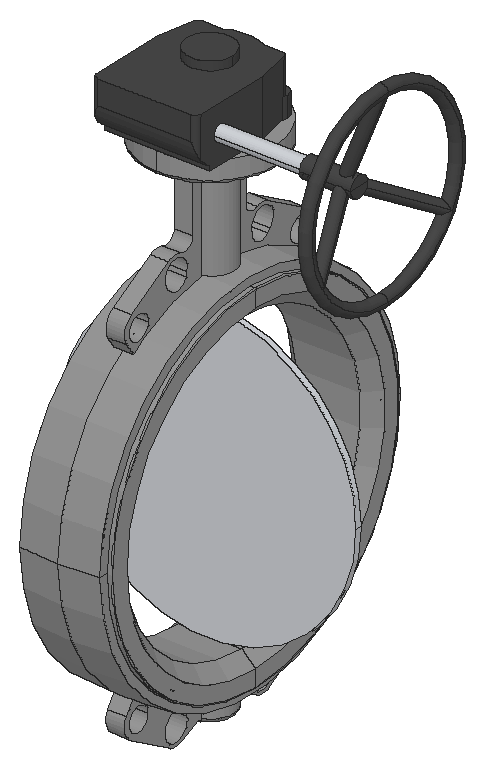
Revit family "HERZ Isolating Butterfly Valves ZF-4219 with lever", category Rohrzubehör, Revit 2018 (continued)
Automatic sketch dimensions
  Extrusion 8 sketch curve to Extrusion 8 sketch curve = 0.007 mm  (x2)
  Extrusion 8 sketch curve to Extrusion 8 sketch curve = 11.662 mm  (x2)
  Extrusion 8 sketch curve to Extrusion 8 sketch curve = 7.405 mm
  Extrusion 8 sketch curve to Extrusion 8 sketch curve = 9.76 mm  (x2)
  Extrusion 8 sketch curve to Extrusion 8 sketch curve = 46.144 mm
  Extrusion 8 sketch curve to Extrusion 8 sketch curve = 0.006 mm
  Extrusion 8 sketch curve to Extrusion 8 sketch curve = 0.159 mm  (x2)
  Extrusion 8 sketch curve to Extrusion 8 sketch curve = 0.225 mm  (x2)
  Extrusion 8 sketch curve to Extrusion 8 sketch curve = 3.156 mm
  Extrusion 7 sketch curve to Extrusion 7 sketch curve = 0 mm  (x29)
  Extrusion 7 sketch curve to level = 0 mm
  Extrusion 7 sketch curve to plane 1 "Mitte (Vorne/hinten)" = 0 mm
  Extrusion 7 sketch curve to Extrusion 7 sketch curve = 4.987 mm  (x2)
  plane 1 "Mitte (Vorne/hinten)" to Extrusion 7 sketch curve = 42.642 mm
  Extrusion 7 sketch curve to Extrusion 7 sketch curve = 3.28 mm  (x2)
  Extrusion 7 sketch curve to Extrusion 7 sketch curve = 14.935 mm  (x2)
  Extrusion 7 sketch curve to Extrusion 7 sketch curve = 11.589 mm  (x2)
  Extrusion 7 sketch curve to Extrusion 7 sketch curve = 14.868 mm  (x2)
  Extrusion 7 sketch curve to Extrusion 7 sketch curve = 33.628 mm  (x4)
  Extrusion 7 sketch curve to Extrusion 7 sketch curve = 3.946 mm  (x4)
  Extrusion 7 sketch curve to Extrusion 7 sketch curve = 12.021 mm  (x8)
  Extrusion 7 sketch curve to Extrusion 7 sketch curve = 8.075 mm  (x8)
  plane 1 "Mitte (Vorne/hinten)" to Extrusion 7 sketch curve = 21.03 mm
  Extrusion 7 sketch curve to Extrusion 7 sketch curve = 5.5 mm
  Extrusion 7 sketch curve to Extrusion 7 sketch curve = 0.54 mm  (x2)
  Extrusion 7 sketch curve to Extrusion 7 sketch curve = 0.103 mm
  Extrusion 7 sketch curve to Extrusion 7 sketch curve = 1.99 mm  (x2)
  plane 1 "Mitte (Vorne/hinten)" to Extrusion 7 sketch curve = 18.5 mm
  Extrusion 7 sketch curve to plane 1 "Mitte (Vorne/hinten)" = 18.5 mm  (x2)
  Extrusion 7 sketch curve to Extrusion 7 sketch curve = 1.897 mm
  Extrusion 7 sketch curve to Extrusion 7 sketch curve = 2 mm
  Extrusion 7 sketch curve to Extrusion 7 sketch curve = 21.612 mm
  Extrusion 7 sketch curve to level = 59.454 mm  (x2)
  Extrusion 7 sketch curve to Extrusion 7 sketch curve = 10.049 mm  (x4)
  Extrusion 7 sketch curve to Extrusion 7 sketch curve = 20.666 mm  (x2)
  Extrusion 7 sketch curve to Extrusion 7 sketch curve = 1.725 mm  (x2)
  Extrusion 7 sketch curve to Extrusion 7 sketch curve = 12.438 mm  (x4)
  level to Extrusion 7 sketch curve = 59.454 mm  (x2)
  Extrusion 7 sketch curve to Extrusion 7 sketch curve = 15.768 mm  (x2)
  Extrusion 7 sketch curve to Extrusion 7 sketch curve = 0.361 mm  (x2)
  Extrusion 7 sketch curve to Extrusion 7 sketch curve = 69.242 mm
  Extrusion 7 sketch curve to Extrusion 7 sketch curve = 0.014 mm
  Extrusion 7 sketch curve to Extrusion 7 sketch curve = 0.29 mm  (x2)
  Extrusion 6 sketch curve to Extrusion 6 sketch curve = 0 mm  (x31)
  Extrusion 6 sketch curve to level = 0 mm
  Extrusion 6 sketch curve to plane 1 "Mitte (Vorne/hinten)" = 0 mm
  plane 1 "Mitte (Vorne/hinten)" to Extrusion 6 sketch curve = 18.5 mm  (x2)
  Extrusion 6 sketch curve to Extrusion 6 sketch curve = 1.897 mm  (x2)
  Extrusion 6 sketch curve to Extrusion 6 sketch curve = 2 mm
  Extrusion 6 sketch curve to Extrusion 6 sketch curve = 4.154 mm  (x2)
  Extrusion 6 sketch curve to Extrusion 6 sketch curve = 5.603 mm
  Extrusion 6 sketch curve to Extrusion 6 sketch curve = 12 mm  (x2)
  Extrusion 6 sketch curve to Extrusion 6 sketch curve = 21.682 mm  (x2)
  Extrusion 6 sketch curve to Extrusion 6 sketch curve = 2.182 mm  (x2)
  Extrusion 6 sketch curve to Extrusion 6 sketch curve = 11.109 mm  (x4)
  Extrusion 6 sketch curve to Extrusion 6 sketch curve = 30.529 mm  (x4)
  Extrusion 6 sketch curve to Extrusion 6 sketch curve = 4.781 mm  (x4)
  Extrusion 6 sketch curve to Extrusion 6 sketch curve = 1.414 mm  (x8)
  Extrusion 6 sketch curve to Extrusion 6 sketch curve = 7.24 mm  (x8)
  Extrusion 6 sketch curve to Extrusion 6 sketch curve = 12.021 mm  (x8)
  Extrusion 6 sketch curve to plane 1 "Mitte (Vorne/hinten)" = 18.5 mm
  Extrusion 6 sketch curve to Extrusion 6 sketch curve = 7.5 mm
  Extrusion 6 sketch curve to Extrusion 6 sketch curve = 0.103 mm
  Extrusion 6 sketch curve to level = 50.036 mm  (x2)
  Extrusion 6 sketch curve to Extrusion 6 sketch curve = 17.112 mm  (x2)
  Extrusion 6 sketch curve to Extrusion 6 sketch curve = 9.185 mm  (x4)
  Extrusion 6 sketch curve to Extrusion 6 sketch curve = 20.608 mm  (x2)
  Extrusion 6 sketch curve to Extrusion 6 sketch curve = 12.868 mm  (x3)
  Extrusion 6 sketch curve to Extrusion 6 sketch curve = 9.096 mm  (x2)
  level to Extrusion 6 sketch curve = 50.036 mm  (x2)
  Extrusion 6 sketch curve to Extrusion 6 sketch curve = 17 mm
  Extrusion 6 sketch curve to Extrusion 6 sketch curve = 56.845 mm
  Extrusion 6 sketch curve to Extrusion 6 sketch curve = 0.017 mm
  Extrusion 6 sketch curve to Extrusion 6 sketch curve = 0.29 mm  (x2)
  Extrusion 5 sketch curve to Extrusion 5 sketch curve = 0 mm  (x25)
  Extrusion 5 sketch curve to level = 0 mm
  Extrusion 5 sketch curve to plane 1 "Mitte (Vorne/hinten)" = 0 mm
  plane 1 "Mitte (Vorne/hinten)" to Extrusion 5 sketch curve = 18.5 mm  (x2)
  Extrusion 5 sketch curve to Extrusion 5 sketch curve = 0.579 mm  (x2)
  Extrusion 5 sketch curve to Extrusion 5 sketch curve = 1.897 mm  (x2)
  Extrusion 5 sketch curve to Extrusion 5 sketch curve = 0.103 mm
  Extrusion 5 sketch curve to Extrusion 5 sketch curve = 5.603 mm
  Extrusion 5 sketch curve to Extrusion 5 sketch curve = 15.942 mm  (x4)
  Extrusion 5 sketch curve to Extrusion 5 sketch curve = 13 mm  (x2)
  Extrusion 5 sketch curve to Extrusion 5 sketch curve = 11.367 mm  (x4)
  Extrusion 5 sketch curve to Extrusion 5 sketch curve = 25.663 mm  (x4)
  Extrusion 5 sketch curve to Extrusion 5 sketch curve = 4.027 mm  (x4)
  Extrusion 5 sketch curve to Extrusion 5 sketch curve = 12.021 mm  (x5)
  Extrusion 5 sketch curve to Extrusion 5 sketch curve = 9.55 mm  (x4)
  Extrusion 5 sketch curve to Extrusion 5 sketch curve = 7.5 mm
  Extrusion 5 sketch curve to plane 1 "Mitte (Vorne/hinten)" = 18.5 mm  (x2)
  Extrusion 5 sketch curve to Extrusion 5 sketch curve = 2 mm
  Extrusion 5 sketch curve to level = 38.887 mm  (x2)
  Extrusion 5 sketch curve to Extrusion 5 sketch curve = 10.986 mm  (x3)
  Extrusion 5 sketch curve to Extrusion 5 sketch curve = 10.231 mm  (x3)
  Extrusion 5 sketch curve to Extrusion 5 sketch curve = 10.467 mm  (x4)
  Extrusion 5 sketch curve to Extrusion 5 sketch curve = 12.18 mm  (x2)
  Extrusion 5 sketch curve to Extrusion 5 sketch curve = 12.641 mm  (x4)
  Extrusion 5 sketch curve to Extrusion 5 sketch curve = 9.983 mm  (x2)
  level to Extrusion 5 sketch curve = 38.887 mm  (x2)
  Extrusion 5 sketch curve to Extrusion 5 sketch curve = 21.217 mm
  Extrusion 5 sketch curve to Extrusion 5 sketch curve = 16.969 mm  (x2)
  Extrusion 5 sketch curve to Extrusion 5 sketch curve = 51.117 mm
  Extrusion 5 sketch curve to Extrusion 5 sketch curve = 0.01 mm
  Extrusion 5 sketch curve to Extrusion 5 sketch curve = 0.29 mm  (x2)
  level to Extrusion 5 sketch curve = 49.873 mm
  Extrusion 4 sketch curve to Extrusion 4 sketch curve = 0 mm  (x28)
  Extrusion 4 sketch curve to level = 0 mm
  Extrusion 4 sketch curve to plane 1 "Mitte (Vorne/hinten)" = 0 mm
  plane 1 "Mitte (Vorne/hinten)" to Extrusion 4 sketch curve = 18.5 mm  (x2)
  Extrusion 4 sketch curve to Extrusion 4 sketch curve = 1.897 mm  (x2)
  Extrusion 4 sketch curve to Extrusion 4 sketch curve = 0.103 mm  (x2)
  Extrusion 4 sketch curve to Extrusion 4 sketch curve = 5.603 mm  (x2)
  Extrusion 4 sketch curve to Extrusion 4 sketch curve = 12.115 mm  (x4)
  Extrusion 4 sketch curve to Extrusion 4 sketch curve = 9 mm  (x2)
  Extrusion 4 sketch curve to Extrusion 4 sketch curve = 11.39 mm  (x2)
  Extrusion 4 sketch curve to Extrusion 4 sketch curve = 7.005 mm  (x2)
  Extrusion 4 sketch curve to Extrusion 4 sketch curve = 22.772 mm  (x4)
  Extrusion 4 sketch curve to Extrusion 4 sketch curve = 4.597 mm  (x4)
  Extrusion 4 sketch curve to Extrusion 4 sketch curve = 1.485 mm  (x4)
  Extrusion 4 sketch curve to Extrusion 4 sketch curve = 12.021 mm  (x4)
  Extrusion 4 sketch curve to Extrusion 4 sketch curve = 9.247 mm  (x4)
  Extrusion 4 sketch curve to plane 1 "Mitte (Vorne/hinten)" = 18.5 mm  (x2)
  Extrusion 4 sketch curve to level = 31.935 mm  (x2)
  Extrusion 4 sketch curve to Extrusion 4 sketch curve = 1.34 mm  (x4)
  Extrusion 4 sketch curve to Extrusion 4 sketch curve = 10.245 mm  (x4)
  Extrusion 4 sketch curve to Extrusion 4 sketch curve = 9.866 mm  (x4)
  Extrusion 4 sketch curve to Extrusion 4 sketch curve = 9.447 mm  (x4)
  Extrusion 4 sketch curve to Extrusion 4 sketch curve = 11.077 mm  (x4)
  Extrusion 4 sketch curve to Extrusion 4 sketch curve = 11.926 mm  (x2)
  level to Extrusion 4 sketch curve = 31.935 mm  (x2)
  Extrusion 4 sketch curve to Extrusion 4 sketch curve = 12.62 mm  (x2)
  Extrusion 4 sketch curve to Extrusion 4 sketch curve = 12.99 mm  (x2)
  Extrusion 4 sketch curve to Extrusion 4 sketch curve = 41.354 mm
  Extrusion 4 sketch curve to Extrusion 4 sketch curve = 0.018 mm
  Extrusion 4 sketch curve to Extrusion 4 sketch curve = 0.29 mm  (x2)
  Extrusion 3 sketch curve to Extrusion 3 sketch curve = 0 mm  (x23)
  Extrusion 3 sketch curve to level = 0 mm
  Extrusion 3 sketch curve to plane 1 "Mitte (Vorne/hinten)" = 0 mm
  plane 1 "Mitte (Vorne/hinten)" to Extrusion 3 sketch curve = 18 mm
  Extrusion 3 sketch curve to Extrusion 3 sketch curve = 1.897 mm  (x2)
  Extrusion 3 sketch curve to Extrusion 3 sketch curve = 0.103 mm  (x2)
  plane 1 "Mitte (Vorne/hinten)" to Extrusion 3 sketch curve = 22.391 mm
  Extrusion 3 sketch curve to Extrusion 3 sketch curve = 1.414 mm  (x14)
  Extrusion 3 sketch curve to Extrusion 3 sketch curve = 6.103 mm  (x2)
  Extrusion 3 sketch curve to Extrusion 3 sketch curve = 2 mm  (x2)
  Extrusion 3 sketch curve to Extrusion 3 sketch curve = 7.709 mm  (x4)
  Extrusion 3 sketch curve to Extrusion 3 sketch curve = 13.318 mm  (x5)
  Extrusion 3 sketch curve to Extrusion 3 sketch curve = 15.842 mm  (x5)
  Extrusion 3 sketch curve to Extrusion 3 sketch curve = 10.233 mm
  Extrusion 3 sketch curve to Extrusion 3 sketch curve = 3.184 mm  (x7)
  Extrusion 3 sketch curve to Extrusion 3 sketch curve = 6.315 mm  (x8)
  Extrusion 3 sketch curve to Extrusion 3 sketch curve = 3.021 mm  (x4)
  Extrusion 3 sketch curve to Extrusion 3 sketch curve = 5.303 mm  (x8)
  Extrusion 3 sketch curve to level = 23.805 mm  (x2)
  Extrusion 3 sketch curve to Extrusion 3 sketch curve = 3.106 mm  (x6)
  level to Extrusion 3 sketch curve = 23.805 mm  (x2)
  Extrusion 3 sketch curve to Extrusion 3 sketch curve = 6.654 mm  (x4)
  Extrusion 3 sketch curve to Extrusion 3 sketch curve = 9.77 mm  (x4)
  Extrusion 3 sketch curve to plane 1 "Mitte (Vorne/hinten)" = 18 mm
  Extrusion 3 sketch curve to plane 1 "Mitte (Vorne/hinten)" = 22.391 mm
  Extrusion 3 sketch curve to Extrusion 3 sketch curve = 5.708 mm  (x2)
  Extrusion 3 sketch curve to Extrusion 3 sketch curve = 3.131 mm
  level to Extrusion 3 sketch curve = 42.831 mm
  Extrusion 3 sketch curve to Extrusion 3 sketch curve = 4.045 mm
  Extrusion 3 sketch curve to Extrusion 3 sketch curve = 12.379 mm
  Extrusion 3 sketch curve to Extrusion 3 sketch curve = 68.43 mm
  Extrusion 3 sketch curve to Extrusion 3 sketch curve = 0.003 mm
  Extrusion 3 sketch curve to Extrusion 3 sketch curve = 0.316 mm  (x2)
  curve 12 to level = 0 mm
  curve 12 to plane 3 "Mitte (Links/rechts)" = 0 mm
  plane 1 "Mitte (Vorne/hinten)" to curve 6 = 0 mm
  curve 6 to plane 3 "Mitte (Links/rechts)" = 0 mm
  Revolve 1 sketch curve to plane 1 "Mitte (Vorne/hinten)" = 0 mm
  Revolve 1 sketch curve to Revolve 1 sketch curve = 0.987 mm
  Revolve 1 sketch curve to Revolve 1 sketch curve = 1.5 mm  (x4)
  Revolve 1 sketch curve to Revolve 1 sketch curve = 0.513 mm
  Revolve 1 sketch curve to Revolve 1 sketch curve = 0.915 mm  (x2)
  Revolve 1 sketch curve to Revolve 1 sketch curve = 1978.5 mm  (x2)
  Revolve 11 sketch curve to plane 1 "Mitte (Vorne/hinten)" = 0 mm  (x2)
  Revolve 11 sketch curve to Revolve 11 sketch curve = 3 mm
  Revolve 11 sketch curve to Revolve 11 sketch curve = 459.992 mm
  level to Revolve 11 sketch curve = 2741.474 mm
  Revolve 12 sketch curve to plane 1 "Mitte (Vorne/hinten)" = 0 mm  (x3)
  Revolve 12 sketch curve to Revolve 12 sketch curve = 1.895 mm
  Revolve 12 sketch curve to Revolve 12 sketch curve = 2 mm  (x2)
  Revolve 12 sketch curve to Revolve 12 sketch curve = 0.105 mm
  Revolve 12 sketch curve to level = 520.992 mm
  Revolve 12 sketch curve to Revolve 12 sketch curve = 2616.474 mm
  Revolve 13 sketch curve to level = 0 mm
  Revolve 13 sketch curve to Revolve 13 sketch curve = 1.492 mm
  Revolve 13 sketch curve to Revolve 13 sketch curve = 0.18 mm  (x2)
  Revolve 13 sketch curve to Revolve 13 sketch curve = 5.027 mm
  Revolve 13 sketch curve to Revolve 13 sketch curve = 1 mm
  Revolve 13 sketch curve to Revolve 13 sketch curve = 0.999 mm  (x2)
  Revolve 13 sketch curve to Revolve 13 sketch curve = 0.27 mm
  Revolve 13 sketch curve to Revolve 13 sketch curve = 0.957 mm
  Revolve 13 sketch curve to Revolve 13 sketch curve = 1328.99 mm
  Revolve 13 sketch curve to Revolve 13 sketch curve = 1875.983 mm
  Extrusion 14 sketch curve to level = 0 mm
  Extrusion 14 sketch curve to plane 3 "Mitte (Links/rechts)" = 0 mm
  radius of Extrusion 10 sketch curve = 12 mm  (x4)
  radius of Extrusion 9 sketch curve = 9.5 mm  (x4)
  radius of Extrusion 9 sketch curve = 14 mm  (x4)
  radius of Extrusion 7 sketch curve = 11.5 mm  (x4)
  radius of Extrusion 7 sketch curve = 9.5 mm  (x4)
  radius of Extrusion 6 sketch curve = 9.5 mm  (x8)
  radius of Extrusion 5 sketch curve = 9.5 mm  (x8)
  radius of Extrusion 4 sketch curve = 9.5 mm  (x8)
  radius of curve 12 = 7 mm
  radius of curve 6 = 5 mm
Nested families
  nested 1: "Herz-Logo-vorne" at (-23, 0, 197.5), type "Herz-Logo-vorne"
  nested 2: "Getriebe für Klappe DN50-DN200" at (0, 0, 125), visible <- "DN 50", type "Getriebe für Klappe DN50-DN200"
  nested 3: "Getriebe für Klappe DN50-DN200" at (0, 0, 149.5), visible <- "DN 65", type "Getriebe für Klappe DN50-DN200"
  nested 4: "Getriebe für Klappe DN50-DN200" at (0, 0, 156.5), visible <- "DN 80", type "Getriebe für Klappe DN50-DN200"
  nested 5: "Getriebe für Klappe DN50-DN200" at (0, 0, 182), visible <- "DN100", type "Getriebe für Klappe DN50-DN200"
  nested 6: "Getriebe für Klappe DN50-DN200" at (0, 0, 201), visible <- "DN125", type "Getriebe für Klappe DN50-DN200"
  nested 7: "Getriebe für Klappe DN50-DN200" at (0, 0, 214), visible <- "DN150", type "Getriebe für Klappe DN50-DN200"
  nested 8: "Getriebe für Klappe DN50-DN200" at (0, 0, 245), visible <- "DN200", type "Getriebe für Klappe DN50-DN200"
  nested 9: "Getriebe für Klappe DN250-DN300" at (0, 0, 283), visible <- "DN250", type "Getriebe für Klappe DN250-DN300"
  nested 10: "Getriebe für Klappe DN250-DN300" at (0, 0, 308), visible <- "DN300", type "Getriebe für Klappe DN250-DN300"
Connectors
  piping at (44.7, 0, 0), diameter 300, driven by "Nennweite"
    settings: on Revolve 13, index 1, connector inside diameter 609.6 mm, connector length 0 mm, flow factor 0, pipe flow 0.0 L/s, pressure drop 0.0 Pa, fitting loss kfactor 0, connector angle 0.00°, fixture units 0, engagement length 0 mm, angle of deflection 0.00°, flow configuration 0, flow direction 0, fitting loss method 0, system type 29, joint type 0, gender type 0, connector reference index -1, connector utility 0, adjustable connector no, is connector primary yes, connector description ""
  piping at (-44.7, 0, 0), diameter 300, driven by "Nennweite"
    settings: on Revolve 13, index 2, connector inside diameter 609.6 mm, connector length 0 mm, flow factor 0, pipe flow 0.0 L/s, pressure drop 0.0 Pa, fitting loss kfactor 0, connector angle 0.00°, fixture units 0, engagement length 0 mm, angle of deflection 0.00°, flow configuration 0, flow direction 0, fitting loss method 0, system type 29, joint type 0, gender type 0, connector reference index -1, connector utility 0, adjustable connector no, is connector primary no, connector description ""
Definition of nested family "Herz-Logo-vorne"
  Reference planes
    plane 1 "Mitte (Vorne/hinten)": y = 0
    plane 2: z = 0
    plane 3 "Mitte (Links/rechts)": x = 0
  Forms (mm)
    Extrusion 1, solid
      sketch origin (0.732, -0.018, 0.017) x (0, -1, 0) y (0, 0, 1)
        loop
          line (-0.018, -4.517) -> (4.482, -4.517) -> (4.482, 4.483) -> (-4.518, 4.483) -> (-4.518, -4.517) -> (-0.018, -4.517)
        loop
          line (-0.05, -3.48) -> (3.482, -3.48) -> (3.482, 3.483) -> (-3.518, 3.483) -> (-3.518, -3.48) -> (-0.05, -3.48)
        loop
          arc (-0.018, 2.383) -> (-1.543, 3.287) -> (-3.067, 2.383) r 1.738
          arc (-3.067, 2.383) -> (-3.191, 1.899) -> (-3.067, 1.415) r 1.009
          line (-3.067, 1.415) -> (-0.018, -3.281) -> (3.032, 1.415)
          arc (3.032, 1.415) -> (3.156, 1.899) -> (3.032, 2.383) r 1.009
          arc (3.032, 2.383) -> (1.507, 3.287) -> (-0.018, 2.383) r 1.738
        loop
          arc (1.885, 1.272) -> (2.005, 1.675) -> (1.885, 2.079) r 0.74
          arc (1.885, 2.079) -> (1.265, 2.416) -> (0.644, 2.079) r 0.74
          line (0.644, 2.079) -> (-0.018, 0.97) -> (-0.679, 2.079)
          arc (-0.679, 2.079) -> (-1.3, 2.416) -> (-1.921, 2.079) r 0.74
          arc (-1.921, 2.079) -> (-2.04, 1.675) -> (-1.921, 1.272) r 0.74
          line (-1.921, 1.272) -> (-0.018, -1.658) -> (1.885, 1.272)
      from 0 to 1.5
  Dimensions and locks
    aligned and locked: level to plane 2
Definition of nested family "Getriebe für Klappe DN50-DN200"
  Parameters (values of type "Getriebe für Klappe DN50-DN200")
    W01 = 11.19°  # constant formula
    URL = "www.herz-armaturen.at"
    R07 = 92 mm  # constant formula
    R06 = 6 mm  # constant formula
    R05 = 10 mm  # constant formula
    R04 = 7.5 mm  # constant formula
    R03 = 10.5 mm  # constant formula
    R02 = 5.4 mm  # constant formula
    R01 = 44.9 mm  # constant formula
    M01 = 37 mm  # constant formula
    L03 = 52 mm  # constant formula
    L02 = 39.6 mm  # constant formula
    L01 = 80 mm  # constant formula
    Manufacturer = "Herz-Armaturen GmbH"  # constant formula
    H03 = 28.6 mm  # constant formula
    H02 = 20 mm  # constant formula
    H01 = 54 mm  # constant formula
    B05 = 209 mm  # constant formula
    B04 = 22 mm  # constant formula
    B03 = 50 mm  # constant formula
    B02 = 159 mm  # constant formula
    B01 = 51 mm  # constant formula
    A01 = 28.6 mm  # constant formula
  Reference planes
    plane 1 "Mitte (Vorne/hinten)": y = 0
    plane 2: z = 0
    plane 3 "Mitte (Links/rechts)": x = 0
  Forms (mm)
    Extrusion 1, solid, detail levels fine
      sketch origin (0, 0, 0) x (1, 0, 0) y (0, 1, 0)
        loop
          line (51, 0) -> (43.999, 35.392)
          arc (43.999, 35.392) -> (42.103, 38.419) -> (38.732, 39.6) r 5.4
          line (38.732, 39.6) -> (20.252, 39.6)
          arc (20.252, 39.6) -> (0, 44.427) -> (-20.252, 39.6) r 44.9
          line (-20.252, 39.6) -> (-38.732, 39.6)
          arc (-38.732, 39.6) -> (-42.103, 38.419) -> (-43.999, 35.392) r 5.4
          line (-43.999, 35.392) -> (-51, 0) -> (-51, -74.6)
          arc (-51, -74.6) -> (-49.418, -78.418) -> (-45.6, -80) r 5.4
          line (-45.6, -80) -> (45.6, -80)
          arc (45.6, -80) -> (49.418, -78.418) -> (51, -74.6) r 5.4
          line (51, -74.6) -> (51, 0)
      from 0 to 54
    Extrusion 2, solid, detail levels fine
      sketch origin (0, 0, 0) x (1, 0, 0) y (0, 1, 0)
        loop
          circle (-35.7, 37) r 10.5
        loop
          circle (35.7, 37) r 10.5
      from 0 to 20
    Extrusion 3, void
      sketch origin (0, 0, 0) x (0, 1, 0) y (0, 0, 1)
        loop
          line (-80, 0) -> (-64.573, 0) -> (-64.573, 4.9)
          arc (-64.573, 4.9) -> (-75.841, 15.433) -> (-80, 30.286) r 28.6
          line (-80, 30.286) -> (-80, 0)
      from -51 to 51
    Revolve 4, solid, detail levels fine
      sketch origin (0, 0, 28.6) x (1, 0, 0) y (0, 1, 0)
        loop
          line (0, -52) -> (0, -59.5) -> (159, -59.5) -> (159, -52) -> (0, -52)
        axis (0, -52) -> (159, -52)
      angle from 0 to 360
    Extrusion 5, solid, detail levels fine
      sketch origin (0, 0, 0) x (1, 0, 0) y (0, 1, 0)
        loop
          circle (0, 0) r 22.3
      from 54 to 63
    Revolve 6, solid, detail levels fine
      sketch origin (0, -52, 28.6) x (1, 0, 0) y (0, 0, 1)
        loop
          circle (209, 92) r 6
        axis (203, 0) -> (215, 0)
      angle from 0 to 360
    Revolve 7, solid, detail levels fine
      sketch origin (0, -52, 0) x (1, 0, 0) y (0, 0, 1)
        loop
          line (209, 120.6) -> (172, 28.6) -> (177.567, 26.361) -> (214.567, 118.361) -> (209, 120.6)
        axis (172, 28.6) -> (209, 120.6)
      angle from 0 to 360
    Revolve 8, solid, detail levels fine
      sketch origin (0, 0, 28.6) x (1, 0, 0) y (0, 1, 0)
        loop
          line (137, -59.5) -> (137, -62) -> (187, -62) -> (187, -52) -> (159, -52) -> (159, -59.5) -> (137, -59.5)
        axis (137, -52) -> (187, -52)
      angle from 0 to 360
    Revolve 9, solid, detail levels fine
      sketch origin (0, -27.232, 42.9) x (1, 0, 0) y (0, -0.866025, -0.5)
        loop
          line (209, 120.6) -> (172, 28.6) -> (177.567, 26.361) -> (214.567, 118.361) -> (209, 120.6)
        axis (172, 28.6) -> (209, 120.6)
      angle from 0 to 360
    Revolve 10, solid, detail levels fine
      sketch origin (0, -76.768, 42.9) x (1, 0, 0) y (0, 0.866025, -0.5)
        loop
          line (209, 120.6) -> (172, 28.6) -> (177.567, 26.361) -> (214.567, 118.361) -> (209, 120.6)
        axis (172, 28.6) -> (209, 120.6)
      angle from 0 to 360
  Cuts and joins
    Extrusion 3 cuts Extrusion 1
  Dimensions and locks
    "B01": Extrusion 1 sketch curve to plane 3 "Mitte (Links/rechts)"
    "B01": plane 3 "Mitte (Links/rechts)" to Extrusion 1 sketch curve
    "L02": plane 1 "Mitte (Vorne/hinten)" to Extrusion 1 sketch curve  (x2)
    "L01": Extrusion 1 sketch curve to plane 1 "Mitte (Vorne/hinten)"
    "M01": plane 1 "Mitte (Vorne/hinten)" to Extrusion 2 sketch curve  (x2)
    "H01": Extrusion 1 to plane 2
    "H02": Extrusion 2 to plane 2
    "L03": Revolve 4 sketch curve to plane 1 "Mitte (Vorne/hinten)"
    "R04": Revolve 4 sketch curve to Revolve 4 sketch curve
    "B02": Revolve 4 sketch curve to Revolve 4 sketch curve
    "H03": Revolve 8 to plane 2
    "H03": Revolve 4 to plane 2
    "L03": Revolve 8 sketch curve to plane 1 "Mitte (Vorne/hinten)"
    "B02": plane 3 "Mitte (Links/rechts)" to Revolve 8 sketch curve
    "R05": Revolve 8 sketch curve to Revolve 8 sketch curve
    "B03": Revolve 8 sketch curve to Revolve 8 sketch curve
    "B04": Revolve 8 sketch curve to Revolve 8 sketch curve
    "R04": Revolve 8 sketch curve to Revolve 8 sketch curve
    "B05": Revolve 6 sketch curve to plane 3 "Mitte (Links/rechts)"
    "R07": Revolve 6 sketch curve to Revolve 6 sketch curve
    "A01": plane 2 to Revolve 6 sketch curve
    "R02": radius of Extrusion 1 sketch curve  (x4)
    "R01": radius of Extrusion 1 sketch curve
    "R03": radius of Extrusion 2 sketch curve  (x2)
    "R06": radius of Revolve 6 sketch curve
    "W01": angle Extrusion 1 sketch curve to Extrusion 1 sketch curve  (x2)
    aligned and locked: level to plane 2
  Automatic sketch dimensions
    Extrusion 3 sketch curve to level = 0 mm
    plane 1 "Mitte (Vorne/hinten)" to Extrusion 3 sketch curve = 80 mm
    Extrusion 3 sketch curve to Extrusion 3 sketch curve = 15.427 mm
    Extrusion 3 sketch curve to Extrusion 3 sketch curve = 13.173 mm
    level to Extrusion 3 sketch curve = 4.9 mm
    plane 1 "Mitte (Vorne/hinten)" to Extrusion 5 sketch curve = 0 mm
    Extrusion 5 sketch curve to plane 3 "Mitte (Links/rechts)" = 0 mm
    level to Revolve 7 sketch curve = 28.6 mm  (x2)
    plane 3 "Mitte (Links/rechts)" to Revolve 7 sketch curve = 172 mm
    level to Revolve 7 sketch curve = 26.361 mm
    Revolve 7 sketch curve to Revolve 7 sketch curve = 5.567 mm
    level to Revolve 7 sketch curve = 120.6 mm
    Revolve 7 sketch curve to Revolve 7 sketch curve = 0 mm  (x3)
    plane 3 "Mitte (Links/rechts)" to Revolve 10 sketch curve = 172 mm
    Revolve 10 sketch curve to Revolve 10 sketch curve = 5.567 mm
    Revolve 10 sketch curve to Revolve 10 sketch curve = 37 mm
    Revolve 10 sketch curve to Revolve 10 sketch curve = 2.239 mm
    Revolve 10 sketch curve to Revolve 10 sketch curve = 0 mm  (x4)
    plane 3 "Mitte (Links/rechts)" to Revolve 9 sketch curve = 172 mm
    Revolve 9 sketch curve to Revolve 9 sketch curve = 5.567 mm
    Revolve 9 sketch curve to Revolve 9 sketch curve = 37 mm
    Revolve 9 sketch curve to Revolve 9 sketch curve = 2.239 mm
    Revolve 9 sketch curve to Revolve 9 sketch curve = 0 mm  (x4)
    Extrusion 1 sketch curve to plane 3 "Mitte (Links/rechts)" = 0 mm
    plane 1 "Mitte (Vorne/hinten)" to Extrusion 1 sketch curve = 0 mm  (x2)
    Extrusion 1 sketch curve to plane 1 "Mitte (Vorne/hinten)" = 35.392 mm
    Extrusion 1 sketch curve to Extrusion 1 sketch curve = 18.48 mm  (x2)
    Extrusion 2 sketch curve to plane 3 "Mitte (Links/rechts)" = 35.7 mm
    plane 3 "Mitte (Links/rechts)" to Extrusion 2 sketch curve = 35.7 mm
    Revolve 4 sketch curve to plane 3 "Mitte (Links/rechts)" = 0 mm  (x2)
    Revolve 4 sketch curve to Revolve 4 sketch curve = 0 mm  (x2)
    Revolve 6 sketch curve to plane 3 "Mitte (Links/rechts)" = 1506.53 mm
    Revolve 6 sketch curve to Revolve 6 sketch curve = 1630.148 mm
    Revolve 8 sketch curve to Revolve 8 sketch curve = 7.5 mm
    Revolve 8 sketch curve to Revolve 8 sketch curve = 0 mm  (x2)
    radius of Extrusion 5 sketch curve = 22.3 mm
Definition of nested family "Getriebe für Klappe DN250-DN300"
  Parameters (values of type "Getriebe für Klappe DN250-DN300")
    W01 = 11.19°  # constant formula
    URL = "www.herz-armaturen.at"
    R07 = 92 mm  # constant formula
    R06 = 6 mm  # constant formula
    R05 = 10 mm  # constant formula
    R04 = 7.5 mm  # constant formula
    R03 = 10.5 mm  # constant formula
    R02 = 5.4 mm  # constant formula
    R01 = 44.9 mm  # constant formula
    M01 = 37 mm  # constant formula
    L03 = 52 mm  # constant formula
    L02 = 39.6 mm  # constant formula
    L01 = 80 mm  # constant formula
    Manufacturer = "Herz-Armaturen GmbH"  # constant formula
    H03 = 28.6 mm  # constant formula
    H02 = 20 mm  # constant formula
    H01 = 54 mm  # constant formula
    B05 = 209 mm  # constant formula
    B04 = 22 mm  # constant formula
    B03 = 50 mm  # constant formula
    B02 = 159 mm  # constant formula
    B01 = 51 mm  # constant formula
    A01 = 28.6 mm  # constant formula
  Reference planes
    plane 1 "Mitte (Vorne/hinten)": y = 0
    plane 2: z = 0
    plane 3 "Mitte (Links/rechts)": x = 0
  Forms (mm)
    Extrusion 1, solid, detail levels fine
      sketch origin (0, 0, 0) x (1, 0, 0) y (0, 1, 0)
        loop
          line (51, 0) -> (43.999, 35.392)
          arc (43.999, 35.392) -> (42.103, 38.419) -> (38.732, 39.6) r 5.4
          line (38.732, 39.6) -> (20.252, 39.6)
          arc (20.252, 39.6) -> (0, 44.427) -> (-20.252, 39.6) r 44.9
          line (-20.252, 39.6) -> (-38.732, 39.6)
          arc (-38.732, 39.6) -> (-42.103, 38.419) -> (-43.999, 35.392) r 5.4
          line (-43.999, 35.392) -> (-51, 0) -> (-51, -74.6)
          arc (-51, -74.6) -> (-49.418, -78.418) -> (-45.6, -80) r 5.4
          line (-45.6, -80) -> (45.6, -80)
          arc (45.6, -80) -> (49.418, -78.418) -> (51, -74.6) r 5.4
          line (51, -74.6) -> (51, 0)
      from 0 to 54
    Extrusion 2, solid, detail levels fine
      sketch origin (0, 0, 0) x (1, 0, 0) y (0, 1, 0)
        loop
          circle (-35.7, 37) r 10.5
        loop
          circle (35.7, 37) r 10.5
      from 0 to 20
    Extrusion 3, void
      sketch origin (0, 0, 0) x (0, 1, 0) y (0, 0, 1)
        loop
          line (-80, 0) -> (-64.573, 0) -> (-64.573, 4.9)
          arc (-64.573, 4.9) -> (-75.841, 15.433) -> (-80, 30.286) r 28.6
          line (-80, 30.286) -> (-80, 0)
      from -51 to 51
    Revolve 4, solid, detail levels fine
      sketch origin (0, 0, 28.6) x (1, 0, 0) y (0, 1, 0)
        loop
          line (0, -52) -> (0, -59.5) -> (159, -59.5) -> (159, -52) -> (0, -52)
        axis (0, -52) -> (159, -52)
      angle from 0 to 360
    Extrusion 5, solid, detail levels fine
      sketch origin (0, 0, 0) x (1, 0, 0) y (0, 1, 0)
        loop
          circle (0, 0) r 22.3
      from 54 to 62.5
    Revolve 6, solid, detail levels fine
      sketch origin (0, -52, 28.6) x (1, 0, 0) y (0, 0, 1)
        loop
          circle (209, 92) r 6
        axis (203, 0) -> (215, 0)
      angle from 0 to 360
    Revolve 7, solid, detail levels fine
      sketch origin (0, -52, 0) x (1, 0, 0) y (0, 0, 1)
        loop
          line (209, 120.6) -> (172, 28.6) -> (177.567, 26.361) -> (214.567, 118.361) -> (209, 120.6)
        axis (172, 28.6) -> (209, 120.6)
      angle from 0 to 360
    Revolve 8, solid, detail levels fine
      sketch origin (0, 0, 28.6) x (1, 0, 0) y (0, 1, 0)
        loop
          line (137, -59.5) -> (137, -62) -> (187, -62) -> (187, -52) -> (159, -52) -> (159, -59.5) -> (137, -59.5)
        axis (137, -52) -> (187, -52)
      angle from 0 to 360
    Revolve 9, solid, detail levels fine
      sketch origin (0, -27.232, 42.9) x (1, 0, 0) y (0, -0.866025, -0.5)
        loop
          line (209, 120.6) -> (172, 28.6) -> (177.567, 26.361) -> (214.567, 118.361) -> (209, 120.6)
        axis (172, 28.6) -> (209, 120.6)
      angle from 0 to 360
    Revolve 10, solid, detail levels fine
      sketch origin (0, -76.768, 42.9) x (1, 0, 0) y (0, 0.866025, -0.5)
        loop
          line (209, 120.6) -> (172, 28.6) -> (177.567, 26.361) -> (214.567, 118.361) -> (209, 120.6)
        axis (172, 28.6) -> (209, 120.6)
      angle from 0 to 360
  Cuts and joins
    Extrusion 3 cuts Extrusion 1
  Dimensions and locks
    "B01": Extrusion 1 sketch curve to plane 3 "Mitte (Links/rechts)"
    "B01": plane 3 "Mitte (Links/rechts)" to Extrusion 1 sketch curve
    "L02": plane 1 "Mitte (Vorne/hinten)" to Extrusion 1 sketch curve  (x2)
    "L01": Extrusion 1 sketch curve to plane 1 "Mitte (Vorne/hinten)"
    "M01": plane 1 "Mitte (Vorne/hinten)" to Extrusion 2 sketch curve  (x2)
    "H01": Extrusion 1 to plane 2
    "H02": Extrusion 2 to plane 2
    "L03": Revolve 4 sketch curve to plane 1 "Mitte (Vorne/hinten)"
    "R04": Revolve 4 sketch curve to Revolve 4 sketch curve
    "B02": Revolve 4 sketch curve to Revolve 4 sketch curve
    "H03": Revolve 8 to plane 2
    "H03": Revolve 4 to plane 2
    "L03": Revolve 8 sketch curve to plane 1 "Mitte (Vorne/hinten)"
    "B02": plane 3 "Mitte (Links/rechts)" to Revolve 8 sketch curve
    "R05": Revolve 8 sketch curve to Revolve 8 sketch curve
    "B03": Revolve 8 sketch curve to Revolve 8 sketch curve
    "B04": Revolve 8 sketch curve to Revolve 8 sketch curve
    "R04": Revolve 8 sketch curve to Revolve 8 sketch curve
    "B05": Revolve 6 sketch curve to plane 3 "Mitte (Links/rechts)"
    "R07": Revolve 6 sketch curve to Revolve 6 sketch curve
    "A01": plane 2 to Revolve 6 sketch curve
    "R02": radius of Extrusion 1 sketch curve  (x4)
    "R01": radius of Extrusion 1 sketch curve
    "R03": radius of Extrusion 2 sketch curve  (x2)
    "R06": radius of Revolve 6 sketch curve
    "W01": angle Extrusion 1 sketch curve to Extrusion 1 sketch curve  (x2)
    aligned and locked: level to plane 2
  Automatic sketch dimensions
    Extrusion 3 sketch curve to level = 0 mm
    plane 1 "Mitte (Vorne/hinten)" to Extrusion 3 sketch curve = 80 mm
    Extrusion 3 sketch curve to Extrusion 3 sketch curve = 15.427 mm
    Extrusion 3 sketch curve to Extrusion 3 sketch curve = 13.173 mm
    level to Extrusion 3 sketch curve = 4.9 mm
    plane 1 "Mitte (Vorne/hinten)" to Extrusion 5 sketch curve = 0 mm
    Extrusion 5 sketch curve to plane 3 "Mitte (Links/rechts)" = 0 mm
    level to Revolve 7 sketch curve = 28.6 mm  (x2)
    plane 3 "Mitte (Links/rechts)" to Revolve 7 sketch curve = 172 mm
    level to Revolve 7 sketch curve = 26.361 mm
    Revolve 7 sketch curve to Revolve 7 sketch curve = 5.567 mm
    level to Revolve 7 sketch curve = 120.6 mm
    Revolve 7 sketch curve to Revolve 7 sketch curve = 0 mm  (x3)
    plane 3 "Mitte (Links/rechts)" to Revolve 10 sketch curve = 172 mm
    Revolve 10 sketch curve to Revolve 10 sketch curve = 5.567 mm
    Revolve 10 sketch curve to Revolve 10 sketch curve = 37 mm
    Revolve 10 sketch curve to Revolve 10 sketch curve = 2.239 mm
    Revolve 10 sketch curve to Revolve 10 sketch curve = 0 mm  (x4)
    plane 3 "Mitte (Links/rechts)" to Revolve 9 sketch curve = 172 mm
    Revolve 9 sketch curve to Revolve 9 sketch curve = 5.567 mm
    Revolve 9 sketch curve to Revolve 9 sketch curve = 37 mm
    Revolve 9 sketch curve to Revolve 9 sketch curve = 2.239 mm
    Revolve 9 sketch curve to Revolve 9 sketch curve = 0 mm  (x4)
    Extrusion 1 sketch curve to plane 3 "Mitte (Links/rechts)" = 0 mm
    plane 1 "Mitte (Vorne/hinten)" to Extrusion 1 sketch curve = 0 mm  (x2)
    Extrusion 1 sketch curve to plane 1 "Mitte (Vorne/hinten)" = 35.392 mm
    Extrusion 1 sketch curve to Extrusion 1 sketch curve = 18.48 mm  (x2)
    Extrusion 2 sketch curve to plane 3 "Mitte (Links/rechts)" = 35.7 mm
    plane 3 "Mitte (Links/rechts)" to Extrusion 2 sketch curve = 35.7 mm
    Revolve 4 sketch curve to plane 3 "Mitte (Links/rechts)" = 0 mm  (x2)
    Revolve 4 sketch curve to Revolve 4 sketch curve = 0 mm  (x2)
    Revolve 6 sketch curve to plane 3 "Mitte (Links/rechts)" = 1506.53 mm
    Revolve 6 sketch curve to Revolve 6 sketch curve = 1630.148 mm
    Revolve 8 sketch curve to Revolve 8 sketch curve = 7.5 mm
    Revolve 8 sketch curve to Revolve 8 sketch curve = 0 mm  (x2)
    radius of Extrusion 5 sketch curve = 22.3 mm
